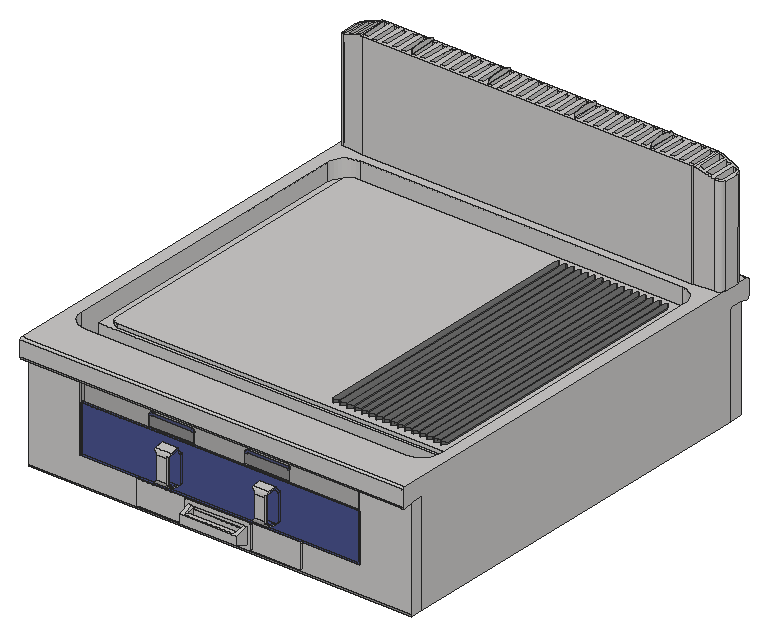
Revit family "QF_ELECTROLUXPROFESSIONAL_593324_MCHNAAHOVO", category Specialty Equipment, Revit 2018
Family settings
  Round Connector Dimension = Use Diameter
  Part Type = Normal
  Work Plane-Based = No
  Always vertical = Yes
  Cut with Voids When Loaded = No
  Shared = No
  Room Calculation Point = No
Parameters (values of type "Standard")
  Weight = 120.00 kg
  Watts = 0 W
  Volts = 0 V
  URL Manufacturer = "http://professional.electrolux.com"
  URL = "http://professional.electrolux.com"
  Steam Supply Size = 0"
  Steam Supply Minimum Pressure = 0.00 psi
  Steam Supply Maximum Pressure = 0.00 psi
  Steam Pounds per Hour = 0
  Show Clearance [instance] = yes
  Refrigeration Suction Line Size = 0 mm
  Refrigeration Liquid Line Size = 0 mm
  Refrigerant Compressor Remote = yes
  Phase = 0
  Model = "MCHNAAHOVO"
  Manufacturer = "Electrolux Professional"
  Length Actual = 800 mm  # constant formula
  Item Number = "593324"
  Hot Water Size = 0"
  Height Actual = 250 mm  # constant formula
  HP = "0 HP"
  Gas Size = 1/2"
  Gas KW = 20
  Gas Input Pressure = 1.63571 Btu/h
  Direct Waste Size = 0"
  Description = "GAS FRYTOP,RBD,TOWNGAS,2Z,800X900X250"
  Depth Actual = 900 mm  # constant formula
  Cycle = 0 Hz
  Condensate Return Size = 0"
  Compressed Air Volume = 0 GPM
  Compressed Air Size = 0"
  Compressed Air Pressure = 0.00 psi
  Cold Water Size = 0"
  Back Panel [instance] = yes
  Accessory = yes
Reference planes
  plane 1 "BACK": y = 0
  plane 2: z = 0
  plane 3 "LEFT": x = 0
  plane 4 "RIGHT": x = 800
  plane 5 "FRONT": y = -900
  plane 6 "TOP": z = 250
  plane 7: x = 400
  plane 8: y = -450
  plane 9: z = 481
  plane 10: y = -1330
Forms (mm)
  Extrusion 1, solid, material "QF_Finishes_Stainless Steel"
    sketch origin (0, -487.128, 0) x (0, 1, 0) y (0, 0, 1)
      loop
        line (483.128, 250) -> (-408.872, 250)
        arc (-408.872, 250) -> (-411.7, 248.828) -> (-412.872, 246) r 4
        line (-412.872, 246) -> (-412.872, 214)
        arc (-412.872, 214) -> (-411.443, 210.936) -> (-408.177, 210.061) r 4
        line (-408.177, 210.061) -> (-391.509, 213) -> (-366.872, 213) -> (-366.872, 0) -> (441.128, 0) -> (441.128, 213) -> (465.765, 213) -> (482.433, 210.061)
        arc (482.433, 210.061) -> (485.699, 210.936) -> (487.128, 214) r 4
        line (487.128, 214) -> (487.128, 246)
        arc (487.128, 246) -> (485.956, 248.828) -> (483.128, 250) r 4
    from 0 to 800
  Extrusion 2, solid, material "QF_Finishes_Stainless Steel", visible <- "Back Panel"
    sketch origin (0, 0, 0) x (0, 1, 0) y (0, 0, 1)
      loop
        line (-46, 0) -> (-20, 0) -> (-20, 213) -> (-46, 213) -> (-46, 0)
    from 0 to 800
  Extrusion 3, void
    sketch origin (653.786, 44.048, 250) x (1, 0, 0) y (0, -1, 0)
      loop
        line (-590.636, 138.048) -> (83.064, 138.048)
        arc (83.064, 138.048) -> (110.04, 149.222) -> (121.214, 176.198) r 38.15
        line (121.214, 176.198) -> (121.214, 816.572)
        arc (121.214, 816.572) -> (109.944, 843.779) -> (82.737, 855.048) r 38.476
        line (82.737, 855.048) -> (-591.786, 855.048)
        arc (-591.786, 855.048) -> (-617.949, 844.211) -> (-628.786, 818.048) r 37
        line (-628.786, 818.048) -> (-628.786, 176.198)
        arc (-628.786, 176.198) -> (-617.613, 149.222) -> (-590.636, 138.048) r 38.15
    from 0 to 37
  Extrusion 4, void
    sketch origin (1307.573, 92.096, 213) x (0, 1, 0) y (1, 0, 0)
      loop
        line (-821.846, -532.573) -> (-864.62, -532.573)
        arc (-864.62, -532.573) -> (-891.827, -543.842) -> (-903.096, -571.049) r 38.476
        line (-903.096, -571.049) -> (-903.096, -1245.573)
        arc (-903.096, -1245.573) -> (-892.259, -1271.736) -> (-866.096, -1282.573) r 37
        line (-866.096, -1282.573) -> (-821.846, -1282.573) -> (-821.846, -532.573)
    from 0 to 25.6
  Extrusion 5, void
    sketch origin (1612.573, 92.096, 187.4) x (-1, 0, 0) y (0, 1, 0)
      loop
        circle (1212.573, -862.096) r 22.248
    from 0 to 92
  Extrusion 6, solid, material "QF_Finishes_Stainless Steel"
    sketch origin (0, -854, 0) x (1, 0, 0) y (0, -1, 0)
      loop
        circle (765, -264) r 6.35
    from 0 to 3.2
  Extrusion 7, solid, material "QF_Door-Drawer Clearances", visible <- "Show Clearance", detail levels coarse
    sketch origin (437.31, -881.593, 8.62) x (0, 0, 1) y (-1, 0, 0)
      loop
        line (1.973, -134.295) -> (49.317, -134.295)
        arc (49.317, -134.295) -> (50.776, -133.691) -> (51.38, -132.232) r 2.063
        line (51.38, -132.232) -> (51.38, 206.852)
        arc (51.38, 206.852) -> (50.88, 208.549) -> (49.541, 209.705) r 3.133
        line (49.541, 209.705) -> (3.067, 209.705)
        arc (3.067, 209.705) -> (0.898, 208.807) -> (0, 206.638) r 3.067
        line (0, 206.638) -> (0, -132.322)
        arc (0, -132.322) -> (0.578, -133.717) -> (1.973, -134.295) r 1.973
    from 0 to 448.407
  Extrusion 8, solid, material "QF_Clearances", visible <- "Show Clearance", detail levels coarse
    sketch origin (-178.969, -4572, 0) x (-1, 0, 0) y (0, -1, 0)
      loop
        line (-78.969, -3672) -> (-178.969, -3672) -> (-178.969, -4572) -> (-978.969, -4572) -> (-978.969, -3672) -> (-1078.969, -3672) -> (-1078.969, -4672) -> (-78.969, -4672) -> (-78.969, -3672)
    from 0 to 250
Cuts and joins
  Extrusion 3, Extrusion 4, Extrusion 5 cuts Extrusion 1
Lines and regions (mm)
  symbolic lines
    curve 1: line (493.666, -902.326, 0) -> (493.666, -900, 0)
    curve 2: spline (499.334, -903.73, 0) -> (498.856, -903.657, 0) -> (498.378, -903.575, 0) -> (497.901, -903.486, 0) -> (497.425, -903.389, 0) -> (496.95, -903.283, 0) -> (496.476, -903.17, 0) -> (496.004, -903.049, 0) -> (495.533, -902.92, 0) -> (495.064, -902.783, 0) -> (494.596, -902.638, 0) -> (494.13, -902.486, 0) -> (493.666, -902.326, 0)
    curve 3: line (525.881, -902.326, 0) -> (525.881, -900, 0)
    curve 4: spline (525.881, -902.326, 0) -> (525.417, -902.486, 0) -> (524.951, -902.638, 0) -> (524.483, -902.783, 0) -> (524.014, -902.92, 0) -> (523.543, -903.049, 0) -> (523.071, -903.17, 0) -> (522.597, -903.283, 0) -> (522.122, -903.389, 0) -> (521.646, -903.486, 0) -> (521.169, -903.575, 0) -> (520.691, -903.657, 0) -> (520.213, -903.73, 0)
    curve 5: line (499.334, -903.73, 0) -> (520.213, -903.73, 0)
    curve 6: line (25, -774, 0) -> (25, -132.15, 0)
    curve 7: arc (25, -132.15, 0) -> (36.174, -105.174, 0) -> (63.15, -94, 0) r 38.15
    curve 8: line (63.15, -94, 0) -> (736.85, -94, 0)
    curve 9: arc (736.85, -94, 0) -> (763.826, -105.174, 0) -> (775, -132.15, 0) r 38.15
    curve 10: line (775, -132.15, 0) -> (775, -772.524, 0)
    curve 11: arc (775, -772.524, 0) -> (763.731, -799.731, 0) -> (736.524, -811, 0) r 38.476
    curve 12: line (736.524, -811, 0) -> (62, -811, 0)
    curve 13: arc (62, -811, 0) -> (35.837, -800.163, 0) -> (25, -774, 0) r 37
    curve 14: line (775, -729.75, 0) -> (25, -729.75, 0)
    curve 15: circle (400, -770, 0) r 22.248 normal (0, 0, -1)
    curve 16: line (0, 0, 0) -> (800, 0, 0)
    curve 17: line (0, -900, 0) -> (0, 0, 0)
    curve 18: line (800, -900, 0) -> (0, -900, 0)
    curve 19: line (800, 0, 0) -> (800, -900, 0)
    curve 20: line (347.608, -908.767, 0) -> (450.042, -908.767, 0)
    curve 21: line (450.042, -908.767, 0) -> (451.588, -900, 0)
    curve 22: line (347.608, -908.767, 0) -> (346.062, -900, 0)
  symbolic lines, style "QF_Door-Drawer Clearances"
    curve 23: line (227.605, -1330, 0) -> (227.605, -900, 0)
    curve 24: line (227.605, -1330, 0) -> (571.605, -1330, 0)
    curve 25: line (571.605, -1330, 0) -> (571.605, -900, 0)
  symbolic lines, style "QF_Clearances", visible <- "Show Clearance", detail levels coarse
    curve 26: line (-100, 100, 0) -> (-100, -900, 0)
    curve 27: line (900, 100, 0) -> (-100, 100, 0)
    curve 28: line (900, -900, 0) -> (900, 100, 0)
Dimensions and locks
  plane 3 "LEFT" to plane 4 "RIGHT" = 800 mm
  plane 5 "FRONT" to plane 1 "BACK" = 900 mm
  equal spacing: plane 3 "LEFT", plane 7, plane 4 "RIGHT"
  equal spacing: plane 5 "FRONT", plane 8, plane 1 "BACK"
  plane 6 "TOP" to level = 250 mm  (x2)
  plane 1 "BACK" to plane 5 "FRONT" = 900 mm
  Extrusion 6 sketch curve to plane 1 "BACK" = 590 mm
  Extrusion 6 sketch curve to plane 4 "RIGHT" = 35 mm
  plane 5 "FRONT" to plane 10 = 430 mm
  plane 9 to plane 6 "TOP" = 231 mm
  plane 9 to level = 481 mm
  Extrusion 8 to plane 3 "LEFT" = 100 mm
  plane 4 "RIGHT" to Extrusion 8 = 100 mm
  plane 1 "BACK" to Extrusion 8 = 100 mm
  aligned and locked: level to plane 2
  aligned and locked: Extrusion 7 to plane 10
  aligned and locked: plane 6 "TOP" to Extrusion 8
  aligned and locked: cut or joined group of Extrusion 1, Extrusion 3, Extrusion 4, Extrusion 5 to plane 4 "RIGHT"
  aligned and locked: Extrusion 2 to plane 4 "RIGHT"
  aligned and locked: plane 7 to nested 1
  aligned and locked: plane 7 to nested 2
  aligned and locked: plane 7 to nested 3
Automatic sketch dimensions
  Extrusion 2 sketch curve to Extrusion 2 sketch curve = 26 mm
  plane 1 "BACK" to Extrusion 2 sketch curve = 20 mm
  Extrusion 1 to Extrusion 3 sketch curve = 90 mm
  Extrusion 1 to Extrusion 3 sketch curve = 122 mm
  Extrusion 1 to Extrusion 3 sketch curve = 25 mm
  Extrusion 3 sketch curve to Extrusion 3 sketch curve = 38.15 mm  (x2)
  Extrusion 1 to Extrusion 3 sketch curve = 123.476 mm
  Extrusion 1 to Extrusion 3 sketch curve = 85 mm
  Extrusion 3 sketch curve to Extrusion 3 sketch curve = 674.524 mm
  Extrusion 1 sketch curve to plane 5 "FRONT" = 0 mm
  Extrusion 1 sketch curve to plane 6 "TOP" = 0 mm
  Extrusion 1 sketch curve to level = 0 mm
  Extrusion 1 sketch curve to plane 1 "BACK" = 0 mm
  Extrusion 1 sketch curve to plane 6 "TOP" = 37 mm  (x2)
  Extrusion 1 sketch curve to plane 5 "FRONT" = 4 mm
  Extrusion 1 sketch curve to plane 5 "FRONT" = 21.363 mm
  Extrusion 1 sketch curve to plane 5 "FRONT" = 46 mm
  plane 1 "BACK" to Extrusion 1 sketch curve = 21.363 mm
  plane 1 "BACK" to Extrusion 1 sketch curve = 4 mm  (x2)
  Extrusion 1 sketch curve to Extrusion 1 sketch curve = 4 mm
  Extrusion 1 sketch curve to Extrusion 1 sketch curve = 0.695 mm
  Extrusion 1 sketch curve to Extrusion 1 sketch curve = 0 mm  (x4)
  plane 1 "BACK" to Extrusion 1 sketch curve = 4.695 mm
  Extrusion 1 sketch curve to Extrusion 1 sketch curve = 1 mm  (x2)
  plane 1 "BACK" to Extrusion 1 sketch curve = 46 mm
  Extrusion 4 sketch curve to Extrusion 3 = 81.25 mm
  Extrusion 3 to Extrusion 4 sketch curve = 0 mm  (x2)
  Extrusion 4 sketch curve to Extrusion 4 sketch curve = 37 mm
  Extrusion 4 sketch curve to Extrusion 4 sketch curve = 674.524 mm
  Extrusion 4 sketch curve to Extrusion 3 = 38.476 mm
  Extrusion 5 sketch curve to Extrusion 4 = 41 mm
  Extrusion 5 sketch curve to Extrusion 4 = 375 mm
  plane 1 "BACK" to curve 16 = 0 mm
  curve 16 to plane 4 "RIGHT" = 0 mm
  curve 23 to plane 10 = 0 mm
  curve 17 to plane 3 "LEFT" = 0 mm
  plane 5 "FRONT" to curve 25 = 0 mm
  plane 4 "RIGHT" to curve 10 = 25 mm
  curve 10 to curve 8 = 38.15 mm
  curve 11 to curve 12 = 38.476 mm
  plane 5 "FRONT" to curve 21 = 8.767 mm
  plane 5 "FRONT" to curve 3 = 2.326 mm
  plane 7 to curve 3 = 125.881 mm
  plane 5 "FRONT" to curve 5 = 3.73 mm
  curve 3 to curve 5 = 5.669 mm
  curve 5 to curve 22 = 172.605 mm
  curve 5 to curve 20 = 151.727 mm
  plane 5 "FRONT" to curve 1 = 2.326 mm
  curve 2 to curve 1 = 5.669 mm
  plane 3 "LEFT" to curve 8 = 63.15 mm
  plane 3 "LEFT" to curve 12 = 62 mm
  plane 3 "LEFT" to curve 23 = 227.605 mm
  plane 3 "LEFT" to curve 6 = 25 mm
  plane 4 "RIGHT" to curve 25 = 228.395 mm
  plane 5 "FRONT" to curve 4 = 4.032 mm
  curve 5 to curve 4 = 4.17 mm
  curve 4 to curve 22 = 169.98 mm
  curve 4 to curve 2 = 12.538 mm
  curve 15 to curve 13 = 338 mm
  plane 1 "BACK" to curve 8 = 94 mm
  curve 10 to plane 5 "FRONT" = 127.476 mm
  curve 14 to curve 13 = 44.25 mm
  curve 15 to curve 13 = 4 mm
  curve 2 to curve 4 = 0 mm
  plane 7 to curve 21 = 50.042 mm
  curve 21 to curve 20 = 1.546 mm
  plane 1 "BACK" to Extrusion 8 sketch curve = 0 mm
  plane 5 "FRONT" to Extrusion 8 sketch curve = 0 mm  (x2)
  Extrusion 8 sketch curve to plane 4 "RIGHT" = 100 mm
  Extrusion 8 sketch curve to plane 1 "BACK" = 100 mm
  Extrusion 8 sketch curve to plane 3 "LEFT" = 100 mm
  Extrusion 8 sketch curve to plane 3 "LEFT" = 0 mm
  Extrusion 8 sketch curve to plane 4 "RIGHT" = 0 mm
  curve 26 to plane 3 "LEFT" = 100 mm
  curve 26 to plane 1 "BACK" = 100 mm
  plane 5 "FRONT" to curve 26 = 0 mm
  curve 27 to plane 4 "RIGHT" = 100 mm
  plane 5 "FRONT" to curve 28 = 0 mm
  level to Extrusion 7 sketch curve = 8.62 mm
  level to Extrusion 7 sketch curve = 57.937 mm
  plane 7 to Extrusion 7 sketch curve = 171.605 mm
  Extrusion 7 sketch curve to Extrusion 7 sketch curve = 1.973 mm
  Extrusion 7 sketch curve to Extrusion 7 sketch curve = 3.067 mm
  Extrusion 7 sketch curve to Extrusion 7 sketch curve = 46.474 mm
  Extrusion 7 sketch curve to Extrusion 7 sketch curve = 2.063 mm
  Extrusion 7 sketch curve to Extrusion 7 sketch curve = 3.133 mm
  Extrusion 7 sketch curve to plane 7 = 169.328 mm
  Extrusion 2 sketch curve to level = 0 mm
  Extrusion 2 sketch curve to plane 6 "TOP" = 37 mm
  radius of Extrusion 5 sketch curve = 22.248 mm
  radius of Extrusion 6 sketch curve = 6.35 mm
  radius of curve 15 = 22.248 mm
Nested families
  nested 1: "GG_900_800 Front Panel with Center Grease Trap" at (0, -854, -650), type "GG_900_800 Front Panel with Center Grease Trap"
  nested 2: "GG_900_Backsplash for 800 fryer" at (388.888, -5, -635.571), type "GG_900_Backsplash for 800 fryer"
  nested 3: "GG_900_800 mm Half Grate" at (400, -411.875, -675), type "GG_900_800 mm Half Grate"
Connectors
  piping at (765, -590, -3.2), diameter 12.8
    settings: on Extrusion 6, index 1, connector inside diameter 0.50394", connector length 0 mm, flow factor 0, pipe flow 0 GPM, pressure drop 0.00 psi, fitting loss kfactor 0, connector angle 0.00°, fixture units 0, engagement length 0 mm, angle of deflection 0.00°, flow configuration 1, flow direction 1, fitting loss method 0, system type 7, joint type 0, gender type 0, connector reference index -1, connector utility 0, adjustable connector no, is connector primary yes, connector description "GAS CONNECTION"
Definition of nested family "GG_900_800 Front Panel with Center Grease Trap"
  Reference planes
    plane 1 "Center (Front/Back)": y = 0
    plane 2: z = 0
    plane 3 "Center (Left/Right)": x = 0
    plane 4: y = -26.492
    plane 5: x = 400
    plane 6: x = 522.091
    plane 7: x = 319.468
  Forms (mm)
    Extrusion 1, solid
      sketch origin (1033.217, 829.203, -1.25) x (0, 1, 0) y (0, 0, 1)
        loop
          arc (-854.203, 654.25) -> (-853.324, 652.129) -> (-851.203, 651.25) r 3
          line (-851.203, 651.25) -> (-829.203, 651.25) -> (-829.203, 864.25) -> (-854.203, 864.25) -> (-854.203, 654.25)
      from -1033.217 to -233.217
    Extrusion 2, void
      sketch origin (1033.217, 829.203, -1.25) x (1, 0, 0) y (0, 0, 1)
        loop
          line (-341.217, 853.25) -> (-925.217, 853.25) -> (-925.217, 711.25) -> (-341.217, 711.25) -> (-341.217, 853.25)
      from 843.409 to 854.203
  Cuts and joins
    Extrusion 2 cuts Extrusion 1
  Dimensions and locks
    cut or joined group of Extrusion 1, Extrusion 2 to cut or joined group of Extrusion 1, Extrusion 2 = 108 mm
    nested 2 to plane 3 "Center (Left/Right)" = 108 mm
    nested 2 to plane 3 "Center (Left/Right)" = 252.97 mm
    cut or joined group of Extrusion 1, Extrusion 2 to nested 2 = 253.275 mm
    cut or joined group of Extrusion 1, Extrusion 2 to nested 4 = 297.909 mm
    nested 3 to plane 3 "Center (Left/Right)" = 298.218 mm
    aligned and locked: nested 1 to nested 2
  Nested families
    nested 1: "grease trap door" at (467.599, -25, 0.608) x (-1, 0, 0) z (0, 0, 1), type "grease trap door"
    nested 2: "Long Glass Control Panel w-Two Reads" at (108, -25, 5.811), type "Long Glass Control Panel w-Two Reads"
    nested 3: "Range Control Handle" at (298.218, -28.137, -207.75), type "Range Control Handle"
    nested 4: "Range Control Handle" at (502.091, -28.137, -207.75), type "Range Control Handle"
  Definition of nested family "grease trap door"
    Reference planes
      plane 1 "Center (Front/Back)": y = 0
      plane 2: z = 0
      plane 3 "Center (Left/Right)": x = 0
    Forms (mm)
      Extrusion 1, solid
        sketch origin (1627.55, 854.203, -1.25) x (1, 0, 0) y (0, 0, 1)
          loop
            arc (-1627.55, 661.235) -> (-1626.972, 659.84) -> (-1625.577, 659.262) r 1.973
            line (-1625.577, 659.262) -> (-1494.325, 659.262)
            arc (-1494.325, 659.262) -> (-1492.156, 660.16) -> (-1491.258, 662.329) r 3.067
            line (-1491.258, 662.329) -> (-1491.258, 708.803)
            arc (-1491.258, 708.803) -> (-1492.414, 710.143) -> (-1494.111, 710.642) r 3.133
            line (-1494.111, 710.642) -> (-1625.486, 710.642)
            arc (-1625.486, 710.642) -> (-1626.945, 710.038) -> (-1627.55, 708.579) r 2.063
            line (-1627.55, 708.579) -> (-1627.55, 661.235)
        from 856.795 to 859.203
      Extrusion 2, solid
        sketch origin (445.874, 2476.61, 0) x (0, 1, 0) y (0, 0, 1)
          loop
            line (-2506.377, 675.273) -> (-2481.61, 667.505) -> (-2481.61, 700.995) -> (-2506.377, 693.227) -> (-2506.377, 675.273)
        from -437.68 to -317.68
      Extrusion 3, void
        sketch origin (1627.55, 854.203, -1.25) x (1, 0, 0) y (0, 0, 1)
          loop
            line (-1614.883, 703) -> (-1610.542, 695.433) -> (-1508.17, 695.433) -> (-1503.828, 703) -> (-1614.883, 703)
          loop
            line (-1614.883, 668) -> (-1502.669, 668) -> (-1507.01, 675.567) -> (-1610.542, 675.567) -> (-1614.883, 668)
        from 832.916 to 883.97
      Extrusion 4, void
        sketch origin (447.55, 854.203, -1.25) x (1, 0, 0) y (0, 0, 1)
          loop
            line (-430.542, 695.433) -> (-430.542, 675.567) -> (-328.17, 675.567) -> (-328.17, 695.433) -> (-430.542, 695.433)
        from 859.203 to 874.202
      Extrusion 5, solid
        sketch origin (1627.55, 854.203, -1.25) x (1, 0, 0) y (0, 0, 1)
          loop
            arc (-1731.556, 661.235) -> (-1730.978, 659.84) -> (-1729.583, 659.262) r 1.973
            line (-1729.583, 659.262) -> (-1390.623, 659.262)
            arc (-1390.623, 659.262) -> (-1388.454, 660.16) -> (-1387.556, 662.329) r 3.067
            line (-1387.556, 662.329) -> (-1387.556, 708.803)
            arc (-1387.556, 708.803) -> (-1388.712, 710.143) -> (-1390.409, 710.642) r 3.133
            line (-1390.409, 710.642) -> (-1729.493, 710.642)
            arc (-1729.493, 710.642) -> (-1730.952, 710.038) -> (-1731.556, 708.579) r 2.063
            line (-1731.556, 708.579) -> (-1731.556, 661.235)
        from 854.203 to 856.795
    Cuts and joins
      Extrusion 3 cuts Extrusion 1
      Extrusion 3, Extrusion 4 cuts Extrusion 2
      joined: Extrusion 1, Extrusion 2
    Lines and regions (mm)
      symbolic lines
        curve 1: line (0, -2.593, 0) -> (136.292, -2.593, 0)
        curve 2: line (17.557, -29.767, 0) -> (12.667, -2.593, 0)
        curve 3: line (17.557, -29.767, 0) -> (119.991, -29.767, 0)
        curve 4: line (119.991, -29.767, 0) -> (124.881, -2.593, 0)
        curve 5: line (68.146, -2.593, 0) -> (68.146, -29.767, 0)
      model lines
        curve 6: line (67.599, 0, 658.012) -> (67.599, 0, 709.392)
    Dimensions and locks
      aligned and locked: Extrusion 2 to Extrusion 1
      aligned and locked: Extrusion 3 to Extrusion 2
      aligned and locked: Extrusion 4 to Extrusion 1
  Definition of nested family "Long Glass Control Panel w-Two Reads"
    Reference planes
      plane 1 "Center (Front/Back)": y = 0
      plane 2: z = 0
      plane 3 "Center (Left/Right)": x = 0
      plane 4: x = 584
      plane 5: x = 581.091
      plane 6: x = 350
      plane 7: x = 233.749
      plane 8 "Top": z = 846.189
      plane 9 "Center": x = 292
    Forms (mm)
      Extrusion 1, solid
        sketch origin (550.286, 304.8, -4.308) x (1, 0, 0) y (0, 0, 1)
          loop
            line (-550.286, 806.791) -> (-550.286, 708.497) -> (33.714, 708.497) -> (33.714, 806.791) -> (-550.286, 806.791)
        from 300.031 to 304.8
      Extrusion 2, solid
        sketch origin (550.286, 304.8, -4.308) x (1, 0, 0) y (0, 0, 1)
          loop
            line (-550.286, 850.497) -> (-550.286, 806.791) -> (33.714, 806.791) -> (33.714, 850.497) -> (-550.286, 850.497)
        from 300.031 to 304.8
      Extrusion 3, solid
        sketch origin (550.286, 305.901, -4.308) x (1, 0, 0) y (0, 0, 1)
          loop
            line (-311.561, 812.62) -> (-311.561, 834.177) -> (-316.37, 834.177) -> (-318.169, 835.977) -> (-398.599, 835.977) -> (-400.399, 834.177) -> (-405.316, 834.177) -> (-405.316, 812.62) -> (-311.561, 812.62)
          loop
            line (-111.561, 812.62) -> (-111.561, 834.177) -> (-116.37, 834.177) -> (-118.169, 835.977) -> (-198.599, 835.977) -> (-200.399, 834.177) -> (-205.316, 834.177) -> (-205.316, 812.62) -> (-111.561, 812.62)
        from 304.798 to 306.745
      Extrusion 4, solid
        sketch origin (550.286, 305.901, -4.308) x (1, 0, 0) y (0, 0, 1)
          loop
            line (-318.121, 835.977) -> (-316.321, 834.177) -> (-311.611, 834.177)
            arc (-311.611, 834.177) -> (-312.787, 838.752) -> (-317.062, 840.763) r 5.549
            line (-317.062, 840.763) -> (-399.768, 840.763)
            arc (-399.768, 840.763) -> (-404.024, 838.747) -> (-405.16, 834.177) r 5.5
            line (-405.16, 834.177) -> (-400.351, 834.177) -> (-398.551, 835.977) -> (-318.121, 835.977)
          loop
            line (-200.222, 834.177) -> (-198.422, 835.977) -> (-117.993, 835.977) -> (-116.193, 834.177) -> (-111.482, 834.177)
            arc (-111.482, 834.177) -> (-112.659, 838.752) -> (-116.934, 840.763) r 5.549
            line (-116.934, 840.763) -> (-199.639, 840.763)
            arc (-199.639, 840.763) -> (-203.895, 838.747) -> (-205.031, 834.177) r 5.5
            line (-205.031, 834.177) -> (-200.222, 834.177)
        from 304.798 to 306.745
      Extrusion 5, void
        sketch origin (550.286, 304.8, -4.308) x (1, 0, 0) y (0, 0, 1)
          loop
            line (-547.628, 847.565) -> (-547.628, 710.699) -> (30.804, 710.699) -> (30.804, 847.565) -> (-547.628, 847.565)
        from 303.697 to 304.8
    Cuts and joins
      Extrusion 5 cuts Extrusion 1
      Extrusion 5 cuts Extrusion 2
      Extrusion 5 cuts Extrusion 3
      Extrusion 5 cuts Extrusion 4
    Lines and regions (mm)
      symbolic lines
        curve 1: line (0, 4.769, 0) -> (584, 4.769, 0)
    Dimensions and locks
      plane 4 to plane 3 "Center (Left/Right)" = 584 mm
      locked: plane 4 to plane 5 at 2.909
      plane 4 to plane 6 = 234 mm
      plane 7 to plane 3 "Center (Left/Right)" = 233.749 mm
      aligned and locked: Extrusion 1 to Extrusion 2
      aligned and locked: Extrusion 3 to Extrusion 4
  Definition of nested family "Range Control Handle"
    Reference planes
      plane 1 "Center (Front/Back)": y = 0
      plane 2: z = 0
      plane 3 "Center (Left/Right)": x = 0
      plane 4: z = 971.092
    Forms (mm)
      Extrusion 1, solid
        sketch origin (-746.28, 380.497, 208.931) x (-1, 0, 0) y (0, 0, 1)
          loop
            line (-770.101, 786.798) -> (-770.101, 731.649)
            arc (-770.101, 731.649) -> (-769.759, 730.563) -> (-768.855, 729.87) r 1.893
            line (-768.855, 729.87) -> (-763.474, 727.911) -> (-729.81, 727.911) -> (-724.428, 729.87)
            arc (-724.428, 729.87) -> (-723.525, 730.563) -> (-723.183, 731.649) r 1.893
            line (-723.183, 731.649) -> (-723.183, 786.798)
            arc (-723.183, 786.798) -> (-723.529, 787.894) -> (-724.44, 788.593) r 1.91
            line (-724.44, 788.593) -> (-729.683, 790.819) -> (-763.601, 790.819) -> (-768.844, 788.593)
            arc (-768.844, 788.593) -> (-769.755, 787.894) -> (-770.101, 786.798) r 1.91
        from -382.35 to -378.852
      Sweep 2, solid
        path origin (-746.788, 380.496, 208.091) x (0, -1, 0) y (0, 0, 1)
          loop
            line (379.775, 793.281) -> (395.661, 791.048)
            arc (395.661, 791.048) -> (397.781, 787.377) -> (398.517, 783.202) r 12.207
            line (398.517, 783.202) -> (398.517, 737.368)
            arc (398.517, 737.368) -> (397.781, 733.193) -> (395.661, 729.522) r 12.207
            line (395.661, 729.522) -> (379.775, 727.289)
        profile origin (-746.788, -7.222, 1000.256) x (0, -0.139173, 0.990268) y (-1, 0, 0)
          loop
            line (0.782, -763.123) -> (0.782, -730.907) -> (-1.322, -730.907) -> (-1.322, -763.123) -> (0.782, -763.123)
      Sweep 3, solid
        path origin (-746.788, 380.715, 207.832) x (0, -1, 0) y (0, 0, 1)
          loop
            line (380.478, 795.442) -> (397.218, 793.09)
            arc (397.218, 793.09) -> (399.929, 788.473) -> (400.871, 783.202) r 15.207
            line (400.871, 783.202) -> (400.871, 737.584)
            arc (400.871, 737.584) -> (399.914, 732.274) -> (397.164, 727.633) r 15.207
            line (397.164, 727.633) -> (380.601, 725.305)
        profile origin (-746.788, -8.132, 1002.099) x (0, -0.139173, 0.990268) y (-1, 0, 0)
          loop
            line (0.782, -763.123) -> (0.782, -730.907) -> (-1.322, -730.907) -> (-1.322, -763.123) -> (0.782, -763.123)
      Extrusion 4, void
        sketch origin (889.253, 220.666, 207.993) x (1, 0, 0) y (0, 0, 1)
          loop
            line (-943.038, 816.854) -> (-943.038, 703.686) -> (-899.466, 734.196) -> (-899.466, 786.344) -> (-943.038, 816.854)
        from 230.636 to 242.25
      Extrusion 5, void
        sketch origin (-888.8, 220.666, 207.993) x (-1, 0, 0) y (0, 0, -1)
          loop
            line (-943.038, -816.854) -> (-899.466, -786.344) -> (-899.466, -734.196) -> (-943.038, -703.686) -> (-943.038, -816.854)
        from 230.636 to 242.25
      Extrusion 6, solid
        sketch origin (0, 0, 0) x (1, 0, 0) y (0, 0, 1)
          loop
            circle (0, 971.092) r 7.736
        from -3.137 to -1.645
    Cuts and joins
      Extrusion 4, Extrusion 5 cuts Sweep 3
      Extrusion 4, Extrusion 5 cuts Sweep 2
      joined: Extrusion 1, Extrusion 6
    Lines and regions (mm)
      symbolic lines
        curve 1: line (23.821, 1.645, 0) -> (-23.097, 1.645, 0)
        curve 2: line (16.334, -1.853, 0) -> (23.821, -1.853, 0)
        curve 3: line (-15.881, -19.189, 0) -> (-15.881, -1.853, 0)
        curve 4: line (-23.097, -1.853, 0) -> (-15.881, -1.853, 0)
        curve 5: line (16.334, -19.189, 0) -> (16.334, -1.853, 0)
        curve 6: spline (-15.881, -19.189, 0) -> (-15.417, -19.349, 0) -> (-14.951, -19.501, 0) -> (-14.483, -19.646, 0) -> (-14.014, -19.783, 0) -> (-13.543, -19.912, 0) -> (-13.071, -20.033, 0) -> (-12.597, -20.146, 0) -> (-12.122, -20.251, 0) -> (-11.646, -20.349, 0) -> (-11.169, -20.438, 0) -> (-10.691, -20.52, 0) -> (-10.213, -20.593, 0)
        curve 7: spline (10.666, -20.593, 0) -> (11.144, -20.52, 0) -> (11.622, -20.438, 0) -> (12.099, -20.349, 0) -> (12.575, -20.251, 0) -> (13.05, -20.146, 0) -> (13.524, -20.033, 0) -> (13.996, -19.912, 0) -> (14.467, -19.783, 0) -> (14.936, -19.646, 0) -> (15.404, -19.501, 0) -> (15.87, -19.349, 0) -> (16.334, -19.189, 0)
        curve 8: line (-10.213, -20.938, 0) -> (10.716, -20.938, 0)
        curve 9: line (-23.097, 1.645, 0) -> (-23.097, -1.853, 0)
        curve 10: line (23.821, 1.645, 0) -> (23.821, -1.853, 0)
Definition of nested family "GG_900_Backsplash for 800 fryer"
  Reference planes
    plane 1 "Center (Front/Back)": y = 0
    plane 2: z = 0
    plane 3 "Center (Left/Right)": x = 11.112
    plane 4: x = -388.888
    plane 5: x = 411.112
    plane 6: y = -37.994
  Forms (mm)
    Extrusion 1, solid
      sketch origin (3208.371, -22.924, -275.679) x (1, 0, 0) y (0, 0, 1)
        loop
          line (-3597.259, 1365.162) -> (-3597.259, 1161.25) -> (-2797.259, 1161.25) -> (-2797.259, 1364.934) -> (-2841.553, 1381.055)
          arc (-2841.553, 1381.055) -> (-2844.994, 1381.949) -> (-2848.536, 1382.25) r 21
          line (-2848.536, 1382.25) -> (-3546.608, 1382.25)
          arc (-3546.608, 1382.25) -> (-3550.146, 1381.95) -> (-3553.582, 1381.058) r 21
          line (-3553.582, 1381.058) -> (-3597.259, 1365.162)
      from -17.885 to 48.024
    Extrusion 2, void
      sketch origin (3108.387, -925.98, -226.348) x (1, 0, 0) y (0, 1, 0)
        loop
          line (-3444.887, 915.362) -> (-3444.887, 861.502) -> (-3434.887, 861.502) -> (-3434.887, 915.362) -> (-3444.887, 915.362)
      from 1111.919 to 1332.919
    Extrusion 3, void
      sketch origin (3789.012, -925.98, -226.348) x (1, 0, 0) y (0, 1, 0)
        loop
          line (-3444.887, 915.362) -> (-3444.887, 861.502) -> (-3434.887, 861.502) -> (-3434.887, 915.362) -> (-3444.887, 915.362)
      from 1111.919 to 1332.919
    Extrusion 4, void
      sketch origin (3128.405, -925.98, -226.348) x (1, 0, 0) y (0, 1, 0)
        loop
          line (-3444.887, 915.362) -> (-3444.887, 861.502) -> (-3434.887, 861.502) -> (-3434.887, 915.362) -> (-3444.887, 915.362)
      from 1111.919 to 1332.919
    Extrusion 5, void
      sketch origin (3148.424, -925.98, -226.348) x (1, 0, 0) y (0, 1, 0)
        loop
          line (-3444.887, 915.362) -> (-3444.887, 861.502) -> (-3434.887, 861.502) -> (-3434.887, 915.362) -> (-3444.887, 915.362)
      from 1111.919 to 1332.919
    Extrusion 6, void
      sketch origin (3168.442, -925.98, -226.348) x (1, 0, 0) y (0, 1, 0)
        loop
          line (-3444.887, 915.362) -> (-3444.887, 861.502) -> (-3434.887, 861.502) -> (-3434.887, 915.362) -> (-3444.887, 915.362)
      from 1111.919 to 1332.919
    Extrusion 7, void
      sketch origin (3188.46, -925.98, -226.348) x (1, 0, 0) y (0, 1, 0)
        loop
          line (-3444.887, 915.362) -> (-3444.887, 861.502) -> (-3434.887, 861.502) -> (-3434.887, 915.362) -> (-3444.887, 915.362)
      from 1111.919 to 1332.919
    Extrusion 8, void
      sketch origin (3208.479, -925.98, -226.348) x (1, 0, 0) y (0, 1, 0)
        loop
          line (-3444.887, 915.362) -> (-3444.887, 861.502) -> (-3434.887, 861.502) -> (-3434.887, 915.362) -> (-3444.887, 915.362)
      from 1111.919 to 1332.919
    Extrusion 9, void
      sketch origin (3228.497, -925.98, -226.348) x (1, 0, 0) y (0, 1, 0)
        loop
          line (-3444.887, 915.362) -> (-3444.887, 861.502) -> (-3434.887, 861.502) -> (-3434.887, 915.362) -> (-3444.887, 915.362)
      from 1111.919 to 1332.919
    Extrusion 10, void
      sketch origin (3248.516, -925.98, -226.348) x (1, 0, 0) y (0, 1, 0)
        loop
          line (-3444.887, 915.362) -> (-3444.887, 861.502) -> (-3434.887, 861.502) -> (-3434.887, 915.362) -> (-3444.887, 915.362)
      from 1111.919 to 1332.919
    Extrusion 11, void
      sketch origin (3268.534, -925.98, -226.348) x (1, 0, 0) y (0, 1, 0)
        loop
          line (-3444.887, 915.362) -> (-3444.887, 861.502) -> (-3434.887, 861.502) -> (-3434.887, 915.362) -> (-3444.887, 915.362)
      from 1111.919 to 1332.919
    Extrusion 12, void
      sketch origin (3288.552, -925.98, -226.348) x (1, 0, 0) y (0, 1, 0)
        loop
          line (-3444.887, 915.362) -> (-3444.887, 861.502) -> (-3434.887, 861.502) -> (-3434.887, 915.362) -> (-3444.887, 915.362)
      from 1111.919 to 1332.919
    Extrusion 13, void
      sketch origin (3308.571, -925.98, -226.348) x (1, 0, 0) y (0, 1, 0)
        loop
          line (-3444.887, 915.362) -> (-3444.887, 861.502) -> (-3434.887, 861.502) -> (-3434.887, 915.362) -> (-3444.887, 915.362)
      from 1111.919 to 1332.919
    Extrusion 14, void
      sketch origin (3328.589, -925.98, -226.348) x (1, 0, 0) y (0, 1, 0)
        loop
          line (-3444.887, 915.362) -> (-3444.887, 861.502) -> (-3434.887, 861.502) -> (-3434.887, 915.362) -> (-3444.887, 915.362)
      from 1111.919 to 1332.919
    Extrusion 15, void
      sketch origin (3348.607, -925.98, -226.348) x (1, 0, 0) y (0, 1, 0)
        loop
          line (-3444.887, 915.362) -> (-3444.887, 861.502) -> (-3434.887, 861.502) -> (-3434.887, 915.362) -> (-3444.887, 915.362)
      from 1111.919 to 1332.919
    Extrusion 16, void
      sketch origin (3368.626, -925.98, -226.348) x (1, 0, 0) y (0, 1, 0)
        loop
          line (-3444.887, 915.362) -> (-3444.887, 861.502) -> (-3434.887, 861.502) -> (-3434.887, 915.362) -> (-3444.887, 915.362)
      from 1111.919 to 1332.919
    Extrusion 17, void
      sketch origin (3388.644, -925.98, -226.348) x (1, 0, 0) y (0, 1, 0)
        loop
          line (-3444.887, 915.362) -> (-3444.887, 861.502) -> (-3434.887, 861.502) -> (-3434.887, 915.362) -> (-3444.887, 915.362)
      from 1111.919 to 1332.919
    Extrusion 18, void
      sketch origin (3408.663, -925.98, -226.348) x (1, 0, 0) y (0, 1, 0)
        loop
          line (-3444.887, 915.362) -> (-3444.887, 861.502) -> (-3434.887, 861.502) -> (-3434.887, 915.362) -> (-3444.887, 915.362)
      from 1111.919 to 1332.919
    Extrusion 19, void
      sketch origin (3428.681, -925.98, -226.348) x (1, 0, 0) y (0, 1, 0)
        loop
          line (-3444.887, 915.362) -> (-3444.887, 861.502) -> (-3434.887, 861.502) -> (-3434.887, 915.362) -> (-3444.887, 915.362)
      from 1111.919 to 1332.919
    Extrusion 20, void
      sketch origin (3448.699, -925.98, -226.348) x (1, 0, 0) y (0, 1, 0)
        loop
          line (-3444.887, 915.362) -> (-3444.887, 861.502) -> (-3434.887, 861.502) -> (-3434.887, 915.362) -> (-3444.887, 915.362)
      from 1111.919 to 1332.919
    Extrusion 21, void
      sketch origin (3468.718, -925.98, -226.348) x (1, 0, 0) y (0, 1, 0)
        loop
          line (-3444.887, 915.362) -> (-3444.887, 861.502) -> (-3434.887, 861.502) -> (-3434.887, 915.362) -> (-3444.887, 915.362)
      from 1111.919 to 1332.919
    Extrusion 22, void
      sketch origin (3488.736, -925.98, -226.348) x (1, 0, 0) y (0, 1, 0)
        loop
          line (-3444.887, 915.362) -> (-3444.887, 861.502) -> (-3434.887, 861.502) -> (-3434.887, 915.362) -> (-3444.887, 915.362)
      from 1111.919 to 1332.919
    Extrusion 23, void
      sketch origin (3508.755, -925.98, -226.348) x (1, 0, 0) y (0, 1, 0)
        loop
          line (-3444.887, 915.362) -> (-3444.887, 861.502) -> (-3434.887, 861.502) -> (-3434.887, 915.362) -> (-3444.887, 915.362)
      from 1111.919 to 1332.919
    Extrusion 24, void
      sketch origin (3528.773, -925.98, -226.348) x (1, 0, 0) y (0, 1, 0)
        loop
          line (-3444.887, 915.362) -> (-3444.887, 861.502) -> (-3434.887, 861.502) -> (-3434.887, 915.362) -> (-3444.887, 915.362)
      from 1111.919 to 1332.919
    Extrusion 25, void
      sketch origin (3548.791, -925.98, -226.348) x (1, 0, 0) y (0, 1, 0)
        loop
          line (-3444.887, 915.362) -> (-3444.887, 861.502) -> (-3434.887, 861.502) -> (-3434.887, 915.362) -> (-3444.887, 915.362)
      from 1111.919 to 1332.919
    Extrusion 26, void
      sketch origin (3568.81, -925.98, -226.348) x (1, 0, 0) y (0, 1, 0)
        loop
          line (-3444.887, 915.362) -> (-3444.887, 861.502) -> (-3434.887, 861.502) -> (-3434.887, 915.362) -> (-3444.887, 915.362)
      from 1111.919 to 1332.919
    Extrusion 27, void
      sketch origin (3588.828, -925.98, -226.348) x (1, 0, 0) y (0, 1, 0)
        loop
          line (-3444.887, 915.362) -> (-3444.887, 861.502) -> (-3434.887, 861.502) -> (-3434.887, 915.362) -> (-3444.887, 915.362)
      from 1111.919 to 1332.919
    Extrusion 28, void
      sketch origin (3608.846, -925.98, -226.348) x (1, 0, 0) y (0, 1, 0)
        loop
          line (-3444.887, 915.362) -> (-3444.887, 861.502) -> (-3434.887, 861.502) -> (-3434.887, 915.362) -> (-3444.887, 915.362)
      from 1111.919 to 1332.919
    Extrusion 29, void
      sketch origin (3628.865, -925.98, -226.348) x (1, 0, 0) y (0, 1, 0)
        loop
          line (-3444.887, 915.362) -> (-3444.887, 861.502) -> (-3434.887, 861.502) -> (-3434.887, 915.362) -> (-3444.887, 915.362)
      from 1111.919 to 1332.919
    Extrusion 30, void
      sketch origin (3648.883, -925.98, -226.348) x (1, 0, 0) y (0, 1, 0)
        loop
          line (-3444.887, 915.362) -> (-3444.887, 861.502) -> (-3434.887, 861.502) -> (-3434.887, 915.362) -> (-3444.887, 915.362)
      from 1111.919 to 1332.919
    Extrusion 31, void
      sketch origin (3668.902, -925.98, -226.348) x (1, 0, 0) y (0, 1, 0)
        loop
          line (-3444.887, 915.362) -> (-3444.887, 861.502) -> (-3434.887, 861.502) -> (-3434.887, 915.362) -> (-3444.887, 915.362)
      from 1111.919 to 1332.919
    Extrusion 32, void
      sketch origin (0, 0, 0) x (1, 0, 0) y (0, 1, 0)
        loop
          line (-373.021, -61.567) -> (-373.021, -14.408) -> (-377.678, -14.821)
          spline (-377.678, -14.821) -> (-378.371, -14.929) -> (-379.046, -15.126) -> (-379.692, -15.41) -> (-380.301, -15.777) -> (-380.864, -16.22) -> (-381.37, -16.734) -> (-381.814, -17.309) -> (-382.188, -17.939) -> (-382.486, -18.613) -> (-382.704, -19.32) -> (-382.839, -20.051) -> (-382.888, -20.793)
          line (-382.888, -20.793) -> (-382.888, -55.104)
          spline (-382.888, -55.104) -> (-382.855, -55.807) -> (-382.746, -56.501) -> (-382.562, -57.176) -> (-382.305, -57.825) -> (-381.98, -58.437) -> (-381.589, -59.005) -> (-381.14, -59.521) -> (-380.637, -59.978) -> (-380.087, -60.369) -> (-379.499, -60.69) -> (-378.879, -60.936) -> (-378.237, -61.104)
          line (-378.237, -61.104) -> (-373.021, -61.567)
        loop
          line (-367.195, -62.083) -> (-357.328, -62.958) -> (-357.328, -13.046) -> (-367.195, -13.892) -> (-367.195, -62.083)
        loop
          line (-351.502, -12.529) -> (-351.502, -63.476) -> (-341.546, -64.358) -> (-341.546, -11.645) -> (-351.502, -12.529)
        loop
          line (399.338, -14.802) -> (395.245, -14.439) -> (395.245, -61.567) -> (399.902, -61.184)
          spline (399.902, -61.184) -> (400.6, -61.075) -> (401.279, -60.875) -> (401.93, -60.588) -> (402.542, -60.217) -> (403.106, -59.768) -> (403.614, -59.248) -> (404.058, -58.666) -> (404.43, -58.029) -> (404.726, -57.349) -> (404.94, -56.634) -> (405.069, -55.897) -> (405.112, -55.149)
          line (405.112, -55.149) -> (405.112, -20.839)
          spline (405.112, -20.839) -> (405.061, -20.042) -> (404.913, -19.26) -> (404.668, -18.505) -> (404.333, -17.791) -> (403.912, -17.13) -> (403.412, -16.534) -> (402.844, -16.014) -> (402.215, -15.577) -> (401.539, -15.233) -> (400.825, -14.986) -> (400.087, -14.842) -> (399.338, -14.802)
        loop
          line (389.419, -13.922) -> (379.552, -13.046) -> (379.552, -62.989) -> (389.419, -62.113) -> (389.419, -13.922)
        loop
          line (363.77, -11.615) -> (363.77, -64.389) -> (373.726, -63.506) -> (373.726, -12.499) -> (363.77, -11.615)
      from 885.571 to 1106.571
    Extrusion 33, void
      sketch origin (5.432, 225.414, 0) x (1, 0, 0) y (0, 1, 0)
        loop
          spline (-382.452, -291.267) -> (-383.887, -291.038) -> (-385.284, -290.622) -> (-386.623, -290.026) -> (-387.883, -289.259) -> (-389.044, -288.332) -> (-390.088, -287.26) -> (-391.001, -286.059) -> (-391.767, -284.747) -> (-392.375, -283.345) -> (-392.817, -281.874) -> (-393.084, -280.356) -> (-393.174, -278.815)
          line (-393.174, -278.815) -> (-403.174, -278.815) -> (-403.174, -302.496) -> (-338.508, -302.496) -> (-338.508, -295.112) -> (-382.452, -291.267)
        loop
          line (-382.452, -235.548) -> (-338.508, -231.703) -> (-338.508, -224.32) -> (-403.174, -224.32) -> (-403.174, -248.001) -> (-393.174, -248.001)
          spline (-393.174, -248.001) -> (-393.084, -246.459) -> (-392.817, -244.941) -> (-392.375, -243.47) -> (-391.767, -242.068) -> (-391.001, -240.757) -> (-390.088, -239.556) -> (-389.044, -238.484) -> (-387.883, -237.557) -> (-386.623, -236.79) -> (-385.284, -236.194) -> (-383.887, -235.778) -> (-382.452, -235.548)
        loop
          line (393.082, -291.267) -> (349.139, -295.112) -> (349.139, -302.496) -> (413.805, -302.496) -> (413.805, -278.815) -> (403.805, -278.815)
          spline (403.805, -278.815) -> (403.715, -280.356) -> (403.447, -281.874) -> (403.006, -283.345) -> (402.398, -284.747) -> (401.631, -286.059) -> (400.719, -287.26) -> (399.674, -288.332) -> (398.513, -289.259) -> (397.254, -290.026) -> (395.915, -290.622) -> (394.518, -291.038) -> (393.082, -291.267)
        loop
          spline (393.082, -235.548) -> (394.518, -235.778) -> (395.915, -236.194) -> (397.254, -236.79) -> (398.513, -237.557) -> (399.674, -238.484) -> (400.719, -239.556) -> (401.631, -240.757) -> (402.398, -242.068) -> (403.006, -243.47) -> (403.447, -244.941) -> (403.715, -246.459) -> (403.805, -248.001)
          line (403.805, -248.001) -> (413.805, -248.001) -> (413.805, -224.32) -> (349.139, -224.32) -> (349.139, -231.703) -> (393.082, -235.548)
      from 0 to 1124.213
    Extrusion 34, void
      sketch origin (3688.92, -925.98, -226.348) x (1, 0, 0) y (0, 1, 0)
        loop
          line (-3444.887, 915.362) -> (-3444.887, 861.502) -> (-3434.887, 861.502) -> (-3434.887, 915.362) -> (-3444.887, 915.362)
      from 1111.919 to 1332.919
    Extrusion 35, void
      sketch origin (3708.938, -925.98, -226.348) x (1, 0, 0) y (0, 1, 0)
        loop
          line (-3444.887, 915.362) -> (-3444.887, 861.502) -> (-3434.887, 861.502) -> (-3434.887, 915.362) -> (-3444.887, 915.362)
      from 1111.919 to 1332.919
    Extrusion 36, void
      sketch origin (3728.957, -925.98, -226.348) x (1, 0, 0) y (0, 1, 0)
        loop
          line (-3444.887, 915.362) -> (-3444.887, 861.502) -> (-3434.887, 861.502) -> (-3434.887, 915.362) -> (-3444.887, 915.362)
      from 1111.919 to 1332.919
    Extrusion 37, void
      sketch origin (3748.975, -925.98, -226.348) x (1, 0, 0) y (0, 1, 0)
        loop
          line (-3444.887, 915.362) -> (-3444.887, 861.502) -> (-3434.887, 861.502) -> (-3434.887, 915.362) -> (-3444.887, 915.362)
      from 1111.919 to 1332.919
    Extrusion 38, void
      sketch origin (3768.993, -925.98, -226.348) x (1, 0, 0) y (0, 1, 0)
        loop
          line (-3444.887, 915.362) -> (-3444.887, 861.502) -> (-3434.887, 861.502) -> (-3434.887, 915.362) -> (-3444.887, 915.362)
      from 1111.919 to 1332.919
    Extrusion 39, solid
      sketch origin (259.122, 1835.817, -536.686) x (0, 1, 0) y (0, 0, 1)
        loop
          line (-1849.66, 1651.2) -> (-1860.917, 1653.592)
          arc (-1860.917, 1653.592) -> (-1873.392, 1654.903) -> (-1885.866, 1653.592) r 60
          line (-1885.866, 1653.592) -> (-1897.123, 1651.2)
          arc (-1897.123, 1651.2) -> (-1899.403, 1649.803) -> (-1900.294, 1647.286) r 4
          line (-1900.294, 1647.286) -> (-1900.294, 1644.257) -> (-1846.435, 1644.257) -> (-1846.435, 1647.286)
          arc (-1846.435, 1647.286) -> (-1847.327, 1649.803) -> (-1849.603, 1651.198) r 4
      from 4.99 to 5.99
    Extrusion 40, solid
      sketch origin (1192.52, 0, -506.659) x (1, 0, 0) y (0, 0, 1)
        loop
          line (-1428.929, 1613.23) -> (-1427.196, 1613.23)
          arc (-1427.196, 1613.23) -> (-1426.997, 1613.712) -> (-1426.929, 1614.23) r 2
          line (-1426.929, 1614.23) -> (-1427.929, 1614.23)
          arc (-1427.929, 1614.23) -> (-1428.221, 1613.523) -> (-1428.929, 1613.23) r 1
      from 10.618 to 64.478
    Extrusion 41, solid
      sketch origin (-240.398, 1835.817, -536.686) x (0, 1, 0) y (0, 0, 1)
        loop
          line (-1849.66, 1651.2) -> (-1860.917, 1653.592)
          arc (-1860.917, 1653.592) -> (-1873.392, 1654.903) -> (-1885.866, 1653.592) r 60
          line (-1885.866, 1653.592) -> (-1897.123, 1651.2)
          arc (-1897.123, 1651.2) -> (-1899.403, 1649.803) -> (-1900.294, 1647.286) r 4
          line (-1900.294, 1647.286) -> (-1900.294, 1644.257) -> (-1846.435, 1644.257) -> (-1846.435, 1647.286)
          arc (-1846.435, 1647.286) -> (-1847.327, 1649.803) -> (-1849.603, 1651.198) r 4
      from 4.99 to 5.99
    Extrusion 42, solid
      sketch origin (1352.667, 0, -506.659) x (1, 0, 0) y (0, 0, 1)
        loop
          line (-1428.929, 1613.23) -> (-1427.196, 1613.23)
          arc (-1427.196, 1613.23) -> (-1426.997, 1613.712) -> (-1426.929, 1614.23) r 2
          line (-1426.929, 1614.23) -> (-1427.929, 1614.23)
          arc (-1427.929, 1614.23) -> (-1428.221, 1613.523) -> (-1428.929, 1613.23) r 1
      from 10.618 to 64.478
    Extrusion 43, solid
      sketch origin (-80.251, 1835.817, -536.686) x (0, 1, 0) y (0, 0, 1)
        loop
          line (-1849.66, 1651.2) -> (-1860.917, 1653.592)
          arc (-1860.917, 1653.592) -> (-1873.392, 1654.903) -> (-1885.866, 1653.592) r 60
          line (-1885.866, 1653.592) -> (-1897.123, 1651.2)
          arc (-1897.123, 1651.2) -> (-1899.403, 1649.803) -> (-1900.294, 1647.286) r 4
          line (-1900.294, 1647.286) -> (-1900.294, 1644.257) -> (-1846.435, 1644.257) -> (-1846.435, 1647.286)
          arc (-1846.435, 1647.286) -> (-1847.327, 1649.803) -> (-1849.603, 1651.198) r 4
      from 4.99 to 5.99
    Extrusion 44, solid
      sketch origin (-1162.816, 0, -506.659) x (-1, 0, 0) y (0, 0, -1)
        loop
          arc (-1428.929, -1613.23) -> (-1428.221, -1613.523) -> (-1427.929, -1614.23) r 1
          line (-1427.929, -1614.23) -> (-1426.929, -1614.23)
          arc (-1426.929, -1614.23) -> (-1426.997, -1613.712) -> (-1427.196, -1613.23) r 2
          line (-1427.196, -1613.23) -> (-1428.929, -1613.23)
      from 10.618 to 64.478
    Extrusion 45, solid
      sketch origin (98.915, 1835.817, -536.686) x (0, 1, 0) y (0, 0, 1)
        loop
          line (-1849.66, 1651.2) -> (-1860.917, 1653.592)
          arc (-1860.917, 1653.592) -> (-1873.392, 1654.903) -> (-1885.866, 1653.592) r 60
          line (-1885.866, 1653.592) -> (-1897.123, 1651.2)
          arc (-1897.123, 1651.2) -> (-1899.403, 1649.803) -> (-1900.294, 1647.286) r 4
          line (-1900.294, 1647.286) -> (-1900.294, 1644.257) -> (-1846.435, 1644.257) -> (-1846.435, 1647.286)
          arc (-1846.435, 1647.286) -> (-1847.327, 1649.803) -> (-1849.603, 1651.198) r 4
      from 4.99 to 5.99
    Extrusion 46, solid
      sketch origin (-1323.024, 0, -506.659) x (-1, 0, 0) y (0, 0, -1)
        loop
          arc (-1428.929, -1613.23) -> (-1428.221, -1613.523) -> (-1427.929, -1614.23) r 1
          line (-1427.929, -1614.23) -> (-1426.929, -1614.23)
          arc (-1426.929, -1614.23) -> (-1426.997, -1613.712) -> (-1427.196, -1613.23) r 2
          line (-1427.196, -1613.23) -> (-1428.929, -1613.23)
      from 10.618 to 64.478
  Cuts and joins
    Extrusion 2, Extrusion 3, Extrusion 4, Extrusion 5, Extrusion 6, Extrusion 7, Extrusion 8, Extrusion 9, Extrusion 10, Extrusion 11, Extrusion 12, Extrusion 13, Extrusion 14, Extrusion 15, Extrusion 16, Extrusion 17, Extrusion 18, Extrusion 19, Extrusion 20, Extrusion 21, Extrusion 22, Extrusion 23, Extrusion 24, Extrusion 25, Extrusion 26, Extrusion 27, Extrusion 28, Extrusion 29, Extrusion 30, Extrusion 31, Extrusion 32, Extrusion 33, Extrusion 34, Extrusion 35, Extrusion 36, Extrusion 37, Extrusion 38 cuts Extrusion 1
  Lines and regions (mm)
    symbolic lines
      curve 1: line (340.161, -5.039, 0) -> (-319.049, -5.039, 0)
      curve 2: line (-377.28, -10.134, 0) -> (-319.049, -5.039, 0)
      curve 3: spline (-388.002, -22.586, 0) -> (-387.913, -21.045, 0) -> (-387.645, -19.527, 0) -> (-387.204, -18.056, 0) -> (-386.595, -16.654, 0) -> (-385.829, -15.343, 0) -> (-384.916, -14.142, 0) -> (-383.872, -13.07, 0) -> (-382.711, -12.143, 0) -> (-381.451, -11.376, 0) -> (-380.113, -10.779, 0) -> (-378.715, -10.363, 0) -> (-377.28, -10.134, 0)
      curve 4: line (-388.888, -22.586, 0) -> (-388.888, -53.401, 0)
      curve 5: spline (-377.28, -65.853, 0) -> (-378.715, -65.624, 0) -> (-380.113, -65.208, 0) -> (-381.451, -64.612, 0) -> (-382.711, -63.844, 0) -> (-383.872, -62.918, 0) -> (-384.916, -61.846, 0) -> (-385.829, -60.645, 0) -> (-386.595, -59.333, 0) -> (-387.204, -57.931, 0) -> (-387.645, -56.46, 0) -> (-387.913, -54.942, 0) -> (-388.002, -53.401, 0)
      curve 6: line (-319.049, -70.948, 0) -> (340.161, -70.948, 0)
      curve 7: line (-319.049, -70.948, 0) -> (-377.28, -65.853, 0)
      curve 8: line (398.392, -65.853, 0) -> (340.161, -70.948, 0)
      curve 9: line (411.112, -53.401, 0) -> (411.112, -22.586, 0)
      curve 10: spline (409.114, -53.401, 0) -> (409.025, -54.942, 0) -> (408.757, -56.46, 0) -> (408.316, -57.931, 0) -> (407.707, -59.333, 0) -> (406.941, -60.645, 0) -> (406.028, -61.846, 0) -> (404.984, -62.918, 0) -> (403.823, -63.844, 0) -> (402.564, -64.612, 0) -> (401.225, -65.208, 0) -> (399.827, -65.624, 0) -> (398.392, -65.853, 0)
      curve 11: spline (398.392, -10.134, 0) -> (399.827, -10.363, 0) -> (401.225, -10.779, 0) -> (402.564, -11.376, 0) -> (403.823, -12.143, 0) -> (404.984, -13.07, 0) -> (406.028, -14.142, 0) -> (406.941, -15.343, 0) -> (407.707, -16.654, 0) -> (408.316, -18.056, 0) -> (408.757, -19.527, 0) -> (409.025, -21.045, 0) -> (409.114, -22.586, 0)
      curve 12: line (340.161, -5.039, 0) -> (398.392, -10.134, 0)
      curve 13: line (11.112, 0, 1106.571) -> (11.112, 0, 885.571)
      curve 14: line (409.114, -22.586, 0) -> (411.112, -22.586, 0)
      curve 15: line (409.114, -53.401, 0) -> (411.112, -53.401, 0)
      curve 16: line (-388.888, -22.586, 0) -> (-388.002, -22.586, 0)
      curve 17: line (-388.002, -53.401, 0) -> (-388.888, -53.401, 0)
  Dimensions and locks
    equal spacing: group 1, group 3, group 4, group 5, group 6, group 7, group 8, group 9, group 10, group 11, group 12, group 13, group 14, group 15, group 16, group 17, group 18, group 19, group 20, group 21, group 22, group 23, group 24, group 25, group 26, group 27, group 28, group 29, group 30, group 31, group 32, group 33, group 34, group 35, group 2  (x3)
    plane 5 to plane 4 = 800 mm
    equal spacing: plane 5, plane 3 "Center (Left/Right)", plane 4
    aligned and locked: Extrusion 41 to Extrusion 40
    aligned and locked: Extrusion 43 to Extrusion 42
  Automatic sketch dimensions
    curve 13 to plane 3 "Center (Left/Right)" = 0 mm
    level to curve 13 = 885.571 mm
    curve 13 to curve 13 = 221 mm
    Extrusion 1 sketch curve to plane 4 = 0 mm
    Extrusion 1 sketch curve to plane 5 = 0 mm
    plane 4 to Extrusion 1 sketch curve = 43.677 mm
    Extrusion 1 sketch curve to Extrusion 1 sketch curve = 6.975 mm
    Extrusion 1 sketch curve to plane 5 = 51.277 mm
    Extrusion 1 sketch curve to Extrusion 1 sketch curve = 6.982 mm
    level to Extrusion 1 sketch curve = 885.571 mm
    Extrusion 1 sketch curve to Extrusion 1 sketch curve = 200 mm  (x2)
    Extrusion 1 sketch curve to Extrusion 1 sketch curve = 3.684 mm
    Extrusion 1 sketch curve to Extrusion 1 sketch curve = 3.912 mm
    Extrusion 1 sketch curve to Extrusion 1 sketch curve = 19.805 mm
    plane 4 to Extrusion 32 sketch curve = 6 mm
    Extrusion 32 sketch curve to Extrusion 32 sketch curve = 4.651 mm
    Extrusion 32 sketch curve to Extrusion 32 sketch curve = 5.209 mm
    Extrusion 32 sketch curve to Extrusion 32 sketch curve = 0 mm  (x4)
    Extrusion 32 sketch curve to Extrusion 32 sketch curve = 5.682 mm  (x3)
    Extrusion 32 sketch curve to Extrusion 32 sketch curve = 4.185 mm
    Extrusion 32 sketch curve to Extrusion 32 sketch curve = 5.826 mm  (x4)
    Extrusion 32 sketch curve to Extrusion 32 sketch curve = 9.867 mm  (x2)
    plane 1 "Center (Front/Back)" to Extrusion 32 sketch curve = 12.529 mm
    plane 1 "Center (Front/Back)" to Extrusion 32 sketch curve = 11.645 mm
    Extrusion 32 sketch curve to Extrusion 32 sketch curve = 9.956 mm
    Extrusion 32 sketch curve to plane 5 = 47.342 mm
    plane 1 "Center (Front/Back)" to Extrusion 32 sketch curve = 12.499 mm
    Extrusion 32 sketch curve to Extrusion 32 sketch curve = 9.957 mm
    Extrusion 32 sketch curve to Extrusion 32 sketch curve = 4.093 mm
    Extrusion 32 sketch curve to Extrusion 32 sketch curve = 0.092 mm
    Extrusion 32 sketch curve to plane 5 = 11.682 mm
    Extrusion 32 sketch curve to Extrusion 32 sketch curve = 4.657 mm
    Extrusion 32 sketch curve to Extrusion 32 sketch curve = 0.547 mm  (x2)
    Extrusion 32 sketch curve to Extrusion 32 sketch curve = 0.517 mm  (x5)
    Extrusion 32 sketch curve to Extrusion 32 sketch curve = 0.846 mm
    Extrusion 32 sketch curve to Extrusion 32 sketch curve = 0.876 mm  (x2)
    Extrusion 32 sketch curve to Extrusion 32 sketch curve = 0.393 mm
    Extrusion 32 sketch curve to Extrusion 32 sketch curve = 0.362 mm
    Extrusion 32 sketch curve to Extrusion 32 sketch curve = 0.001 mm
    Extrusion 32 sketch curve to Extrusion 32 sketch curve = 0.02 mm
    Extrusion 32 sketch curve to Extrusion 32 sketch curve = 5.972 mm
    Extrusion 32 sketch curve to Extrusion 32 sketch curve = 6.038 mm  (x2)
    plane 6 to Extrusion 32 sketch curve = 11.118 mm  (x2)
    Extrusion 32 sketch curve to Extrusion 32 sketch curve = 5.993 mm
    Extrusion 32 sketch curve to Extrusion 32 sketch curve = 0.054 mm
    Extrusion 32 sketch curve to Extrusion 32 sketch curve = 0.009 mm
    Extrusion 32 sketch curve to Extrusion 32 sketch curve = 0.463 mm
    Extrusion 32 sketch curve to Extrusion 32 sketch curve = 0.383 mm
    Extrusion 32 sketch curve to Extrusion 32 sketch curve = 0.875 mm
    Extrusion 32 sketch curve to Extrusion 32 sketch curve = 0.518 mm
    Extrusion 32 sketch curve to Extrusion 32 sketch curve = 0.883 mm  (x2)
    Extrusion 32 sketch curve to Extrusion 32 sketch curve = 0.884 mm
    Extrusion 33 sketch curve to plane 4 = 8.854 mm  (x2)
    Extrusion 33 sketch curve to plane 1 "Center (Front/Back)" = 1.094 mm  (x2)
    plane 4 to Extrusion 33 sketch curve = 1.146 mm  (x2)
    plane 4 to Extrusion 33 sketch curve = 11.868 mm  (x2)
    Extrusion 33 sketch curve to Extrusion 33 sketch curve = 11.746 mm  (x2)
    Extrusion 33 sketch curve to Extrusion 33 sketch curve = 43.944 mm  (x2)
    plane 1 "Center (Front/Back)" to Extrusion 33 sketch curve = 6.289 mm  (x2)
    Extrusion 33 sketch curve to plane 5 = 56.541 mm  (x2)
    Extrusion 33 sketch curve to plane 5 = 13.621 mm
    Extrusion 33 sketch curve to plane 6 = 2.907 mm  (x2)
    Extrusion 33 sketch curve to Extrusion 33 sketch curve = 0 mm
    Extrusion 33 sketch curve to Extrusion 33 sketch curve = 1.024 mm  (x2)
    plane 1 "Center (Front/Back)" to Extrusion 33 sketch curve = 10.134 mm
    Extrusion 33 sketch curve to plane 5 = 1.875 mm  (x2)
    plane 5 to Extrusion 33 sketch curve = 8.125 mm  (x2)
    plane 6 to Extrusion 33 sketch curve = 2.907 mm  (x2)
    plane 6 to Extrusion 33 sketch curve = 15.407 mm
    Extrusion 33 sketch curve to Extrusion 33 sketch curve = 12.5 mm
    plane 6 to Extrusion 33 sketch curve = 31.704 mm  (x2)
    Extrusion 33 sketch curve to Extrusion 33 sketch curve = 7.384 mm
    Extrusion 33 sketch curve to Extrusion 33 sketch curve = 11.228 mm
    Extrusion 33 sketch curve to plane 6 = 15.407 mm
    plane 6 to Extrusion 39 sketch curve = 26.484 mm
    Extrusion 39 sketch curve to Extrusion 39 sketch curve = 3.168 mm
    Extrusion 39 sketch curve to Extrusion 39 sketch curve = 0.003 mm
    Extrusion 39 sketch curve to Extrusion 39 sketch curve = 0.832 mm
    Extrusion 39 sketch curve to Extrusion 39 sketch curve = 11.257 mm
    Extrusion 39 sketch curve to Extrusion 39 sketch curve = 0 mm  (x2)
    Extrusion 39 sketch curve to plane 6 = 0.419 mm
    Extrusion 39 sketch curve to plane 6 = 12.894 mm
    Extrusion 39 sketch curve to Extrusion 39 sketch curve = 10.482 mm
    Extrusion 39 sketch curve to Extrusion 39 sketch curve = 0.775 mm
    Extrusion 39 sketch curve to Extrusion 39 sketch curve = 0.056 mm
    Extrusion 39 sketch curve to Extrusion 39 sketch curve = 4 mm
    level to Extrusion 39 sketch curve = 1058.216 mm
    Extrusion 39 sketch curve to Extrusion 39 sketch curve = 49.354 mm
    Extrusion 39 sketch curve to Extrusion 39 sketch curve = 3.029 mm  (x2)
    Extrusion 39 sketch curve to Extrusion 39 sketch curve = 0.001 mm  (x4)
    Extrusion 39 sketch curve to Extrusion 39 sketch curve = 2.392 mm
    Extrusion 40 sketch curve to Extrusion 40 sketch curve = 0 mm  (x3)
    plane 4 to Extrusion 40 sketch curve = 152.48 mm
    Extrusion 40 sketch curve to Extrusion 40 sketch curve = 1 mm  (x2)
    Extrusion 40 sketch curve to Extrusion 40 sketch curve = 0.732 mm
    level to Extrusion 40 sketch curve = 1106.571 mm
    plane 6 to Extrusion 41 sketch curve = 26.484 mm
    Extrusion 41 sketch curve to Extrusion 41 sketch curve = 3.168 mm
    Extrusion 41 sketch curve to Extrusion 41 sketch curve = 0.003 mm
    Extrusion 41 sketch curve to Extrusion 41 sketch curve = 0.832 mm
    Extrusion 41 sketch curve to Extrusion 41 sketch curve = 11.257 mm
    Extrusion 41 sketch curve to Extrusion 41 sketch curve = 0 mm  (x2)
    Extrusion 41 sketch curve to plane 6 = 0.419 mm
    Extrusion 41 sketch curve to plane 6 = 12.894 mm
    Extrusion 41 sketch curve to Extrusion 41 sketch curve = 10.482 mm
